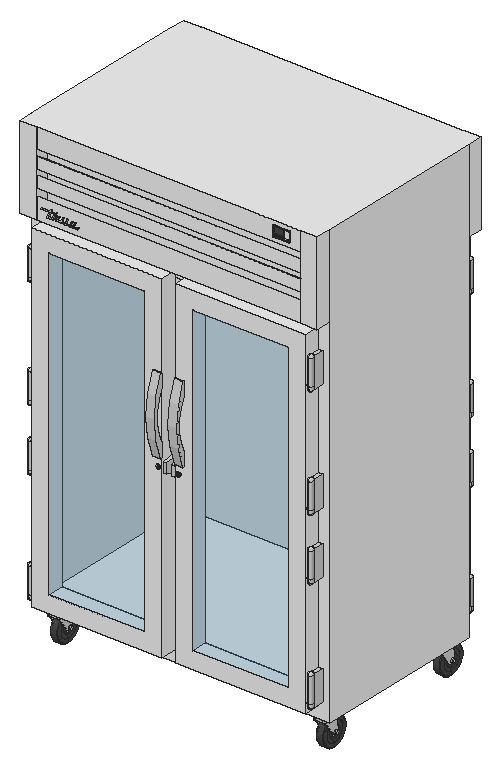
Revit family
Parameters
  Weight in Pounds = 0
  Watts = 3000 W
  Volts = 208 V
  URL Cutsheet = "www.truemfg.com"
  URL = "www.truemfg.com"
  Type Mark [instance] = ""
  Type Comments = ""
  Status [instance] = ""
  Specification by User [instance] = ""
  Specification by Manufacturer = ""
  Show Seismic Flanged [instance] = no
  Show Logo [instance] = yes
  Show Legs [instance] = no
  Show Clearance [instance] = yes
  Serial Number = ""
  Seismic Rating = ""
  Seismic Plate [instance] = and(Show Seismic Flanged, not(Show Casters))  # no
  SMACNA No = ""
  Revision Code [instance] = ""
  Phase = 1
  Omniclass Number and Title = ""
  Number of Poles [instance] = 1
  NAFEM Spec ID Number = ""
  Model = "STG2HPT-2G-2S"
  Min Ckt Ampacity = 0 A
  Max Overcurrent Protection = 0 A
  Masterspec = ""
  Manufacturer = "TRUE FOOD SERVICE EQUIPMENT, INC."
  Length = 52 5/8"
  Legs [instance] = or(Show Legs, Show Seismic Flanged)  # no
  Item Number [instance] = ""
  Installed By [instance] = ""
  Identify Quantity as Lot [instance] = yes
  Height = 77 3/4"
  HP = ""
  Furnished By [instance] = ""
  Foodservice Equipment Identifier [instance] = yes
  FL Amps = Watts / Volts  # 14.4231 A
  Electrical Remarks [instance] = ""
  Electric Connection Type [instance] = ""
  Elec Conn RI Height [instance] = 0"
  Elec Conn Connection Height [instance] = 0"
  Description = "Pass-thru Glass Front/Solid Rear Swing Doors Heated Cabinet"
  Depth = 36 1/8"
  Cycle = 60 Hz
  Conn Plug = "6-15P"
  Conn Conduit = yes
  Show Casters [instance] = and(not(if(Show Legs, Show Legs, Show Legs)), not(if(Show Legs, Show Legs, Show Seismic Flanged)))  # yes
  CSI MasterFormat = ""
  CSI Master Format = ""
  Assembly Code = ""
  Apparent Power = if(Phase = 3, Volts * FL Amps * 1.73, Volts * FL Amps)  # 3000 VA
Reference planes (in)
  plane 1 "BACK": y = 0
  plane 2: z = 0
  plane 3 "LEFT": x = 0
  plane 4 "RIGHT": x = 52.625
  plane 5 "FRONT": y = -36.125
  plane 6 "TOP": z = 84.125
  plane 7: z = 6.125
  plane 8: x = 26.3125
  plane 9: x = 3
  plane 10: x = 49.9375
  plane 11: y = -36.0792
  plane 12: x = 26.3125
  plane 13: y = -0.0458
  plane 14: y = -18.0625
Forms (in)
  Extrusion 1, solid, material "QF_Finishes_Chrome - Satin"
    sketch origin (0.05, 0, 0) x (1, 0, 0) y (0, 1, 0)
      loop
        line (-0.05, -2.75) -> (-0.05, -33.375) -> (2.35625, -33.375) -> (2.35625, -2.75) -> (-0.05, -2.75)
    from 6.125 to 84.125
  Extrusion 2, solid, material "QF_Finishes_Chrome - Satin"
    sketch origin (50.15, 0, 0) x (1, 0, 0) y (0, 1, 0)
      loop
        line (0.225, -2.75) -> (0.225, -33.375) -> (2.475, -33.375) -> (2.475, -2.75) -> (0.225, -2.75)
    from 6.125 to 84.125
  Extrusion 3, solid, material "QF_Finishes_Chrome - Satin"
    sketch origin (0, 0, 0) x (0, 1, 0) y (0, 0, 1)
      loop
        line (-36.0792, 69.5) -> (-33.375, 69.5) -> (-33.375, 66.96875) -> (-2.75, 66.96875) -> (-2.75, 69.5) -> (-0.0458, 69.5) -> (-0.0458, 73.19226) -> (-2.25, 71.625) -> (-2.25, 72.90057) -> (-0.0458, 74.46784) -> (-0.0458, 76.56404) -> (-2.25, 74.99678) -> (-2.25, 75.95754) -> (-0.0458, 77.5248) -> (-0.0458, 79.65851) -> (-2.25, 78.09125) -> (-2.25, 79.21352) -> (-0.0458, 80.78078) -> (-0.0458, 84.125) -> (-36.0792, 84.125) -> (-36.0792, 80.78078) -> (-33.875, 79.21352) -> (-33.875, 78.09125) -> (-36.0792, 79.65851) -> (-36.0792, 77.5248) -> (-33.875, 75.95754) -> (-33.875, 74.99678) -> (-36.0792, 76.56404) -> (-36.0792, 74.46784) -> (-33.875, 72.90057) -> (-33.875, 71.625) -> (-36.0792, 73.19226) -> (-36.0792, 69.5)
      loop
        line (-33.375, 6.125) -> (-2.75, 6.125) -> (-2.75, 9.03125) -> (-33.375, 9.03125) -> (-33.375, 6.125)
    from 2.25 to 50.375
  Extrusion 4, solid, material "QF_Finishes_Chrome - Satin"
    sketch origin (0, 0, 0) x (1, 0, 0) y (0, 1, 0)
      loop
        line (52.54687, -33.375) -> (49.66032, -33.375) -> (49.66032, -36.125) -> (52.54687, -36.125) -> (52.54687, -33.375)
      loop
        line (52.54687, -2.75) -> (52.54687, 0) -> (49.66032, 0) -> (49.66032, -2.75) -> (52.54687, -2.75)
    from 69.5 to 84.125
  Extrusion 5, solid, material "QF_Finishes_Chrome - Satin"
    sketch origin (-50.125, 0, 0.25) x (1, 0, 0) y (0, 1, 0)
      loop
        line (53.20984, -33.375) -> (50.20312, -33.375) -> (50.20312, -36.125) -> (53.20984, -36.125) -> (53.20984, -33.375)
      loop
        line (53.20984, -2.75) -> (53.20984, 0) -> (50.20312, 0) -> (50.20312, -2.75) -> (53.20984, -2.75)
    from 69.25 to 83.875
  Extrusion 6, solid, material "QF_Finishes_Chrome - Satin"
    sketch origin (0, -2.375, -0.71875) x (1, 0, 0) y (0, 0, 1)
      loop
        line (2.25, 68.6875) -> (2.25, 8.75) -> (25.1875, 8.75) -> (25.1875, 68.6875) -> (2.25, 68.6875)
      loop
        line (50.53125, 68.6875) -> (27.59375, 68.6875) -> (27.59375, 8.75) -> (50.53125, 8.75) -> (50.53125, 68.6875)
      loop
        line (30.59375, 65.6875) -> (30.59375, 11.75) -> (47.53125, 11.75) -> (47.53125, 65.6875) -> (30.59375, 65.6875)
      loop
        line (5.25, 65.6875) -> (5.25, 11.75) -> (22.1875, 11.75) -> (22.1875, 65.6875) -> (5.25, 65.6875)
    from 31 to 33.75
  Extrusion 7, solid, material "QF_Finishes_Handrails and Railings"
    sketch origin (1.8125, -2.375, -2) x (1, 0, 0) y (0, 0, 1)
      loop
        circle (22.76563, 40.0625) r 0.35
      loop
        line (22.73047, 40.33635) -> (22.73047, 39.76895) -> (22.78597, 39.76895) -> (22.78597, 40.33635) -> (22.73047, 40.33635)
      loop
        circle (26.3125, 40.0625) r 0.35
      loop
        line (26.34765, 40.33635) -> (26.29215, 40.33635) -> (26.29215, 39.76895) -> (26.34765, 39.76895) -> (26.34765, 40.33635)
    from 33.5 to 33.83066
  Extrusion 8, solid, material "QF_Finishes_Handrails and Railings", visible <- "Show Logo"
    sketch origin (0.33478, -1.29327, -6.73143) x (1, 0, 0) y (0, 0, 1)
      loop
        line (3.61669, 78.46231) -> (3.51103, 78.23573) -> (4.91652, 78.23573)
        arc (4.91652, 78.23573) -> (4.94504, 78.18528) -> (4.91652, 78.13484) r 0.05887
        line (4.91652, 78.13484) -> (4.54994, 77.34872)
        arc (4.54994, 77.34872) -> (4.54676, 77.27591) -> (4.596, 77.22217) r 0.09523
        line (4.596, 77.22217) -> (5.49469, 77.22217)
        arc (5.49469, 77.22217) -> (5.60817, 77.25795) -> (5.68061, 77.35235) r 0.19785
        line (5.68061, 77.35235) -> (5.9691, 77.97101) -> (6.23415, 77.97101)
        arc (6.23415, 77.97101) -> (6.30369, 77.94543) -> (6.29362, 77.87203) r 0.05911
        line (6.29362, 77.87203) -> (6.05223, 77.35437)
        arc (6.05223, 77.35437) -> (6.05599, 77.2684) -> (6.12856, 77.22217) r 0.09318
        line (6.12856, 77.22217) -> (6.91823, 77.22217)
        arc (6.91823, 77.22217) -> (6.97874, 77.24419) -> (7.01093, 77.29995) r 0.09412
        arc (7.01093, 77.29995) -> (7.03371, 77.24495) -> (7.08871, 77.22217) r 0.07778
        line (7.08871, 77.22217) -> (7.58871, 77.22217)
        arc (7.58871, 77.22217) -> (7.64647, 77.23765) -> (7.68876, 77.27993) r 0.11552
        arc (7.68876, 77.27993) -> (7.709, 77.23106) -> (7.75787, 77.21081) r 0.06912
        line (7.75787, 77.21081) -> (8.4685, 77.21081)
        arc (8.4685, 77.21081) -> (8.52659, 77.23488) -> (8.55066, 77.29297) r 0.08216
        arc (8.55066, 77.29297) -> (8.60392, 77.23972) -> (8.67667, 77.22022) r 0.14551
        line (8.67667, 77.22022) -> (10.00783, 77.22022) -> (10.15571, 77.47634) -> (8.81303, 77.47634)
        arc (8.81303, 77.47634) -> (8.77597, 77.50204) -> (8.77459, 77.54711) r 0.05009
        line (8.77459, 77.54711) -> (8.79782, 77.59692)
        arc (8.79782, 77.59692) -> (8.83348, 77.64364) -> (8.88952, 77.66135) r 0.09747
        line (8.88952, 77.66135) -> (9.3211, 77.66135)
        arc (9.3211, 77.66135) -> (9.41425, 77.68631) -> (9.48244, 77.7545) r 0.1863
        line (9.48244, 77.7545) -> (9.60744, 77.97101)
        arc (9.60744, 77.97101) -> (9.60744, 78.08657) -> (9.50736, 78.14434) r 0.11556
        line (9.50736, 78.14434) -> (9.05187, 78.14434)
        arc (9.05187, 78.14434) -> (8.93575, 78.12462) -> (8.85474, 78.03912) r 0.18605
        line (8.85474, 78.03912) -> (8.63829, 77.57493)
        arc (8.63829, 77.57493) -> (8.5744, 77.49167) -> (8.47431, 77.46011) r 0.1745
        line (8.47431, 77.46011) -> (8.00184, 77.46011)
        arc (8.00184, 77.46011) -> (7.94528, 77.52184) -> (7.94893, 77.60548) r 0.10939
        line (7.94893, 77.60548) -> (8.2002, 78.14434) -> (8.04028, 78.14434) -> (7.77406, 77.57344)
        arc (7.77406, 77.57344) -> (7.72234, 77.50603) -> (7.6413, 77.48048) r 0.14128
        line (7.6413, 77.48048) -> (7.3155, 77.48048)
        arc (7.3155, 77.48048) -> (7.26044, 77.55223) -> (7.27225, 77.64189) r 0.11816
        line (7.27225, 77.64189) -> (7.50655, 78.14434) -> (7.34139, 78.14434) -> (7.07171, 77.566)
        arc (7.07171, 77.566) -> (7.0091, 77.50339) -> (6.92358, 77.48048) r 0.17104
        line (6.92358, 77.48048) -> (6.4518, 77.48048)
        arc (6.4518, 77.48048) -> (6.36707, 77.51999) -> (6.35892, 77.61313) r 0.0935
        line (6.35892, 77.61313) -> (6.51399, 77.94569) -> (6.7332, 77.94569)
        arc (6.7332, 77.94569) -> (6.7702, 78.05717) -> (6.84892, 78.14434) r 0.2857
        line (6.84892, 78.14434) -> (5.9923, 78.14434)
        arc (5.9923, 78.14434) -> (5.89711, 78.12324) -> (5.83123, 78.05135) r 0.16212
        line (5.83123, 78.05135) -> (5.59904, 77.55341)
        arc (5.59904, 77.55341) -> (5.54565, 77.50002) -> (5.47272, 77.48048) r 0.14586
        line (5.47272, 77.48048) -> (4.96131, 77.48048)
        arc (4.96131, 77.48048) -> (4.92139, 77.53442) -> (4.92899, 77.60109) r 0.09155
        line (4.92899, 77.60109) -> (5.26643, 78.23573) -> (6.1178, 78.23573) -> (6.22346, 78.46231) -> (5.37209, 78.46231) -> (5.47774, 78.68888) -> (5.17487, 78.68888) -> (5.06922, 78.46231) -> (3.61669, 78.46231)
      loop
        arc (8.9943, 77.93863) -> (8.95744, 77.92875) -> (8.93045, 77.90176) r 0.07373
        line (8.93045, 77.90176) -> (8.90854, 77.83436)
        arc (8.90854, 77.83436) -> (8.9187, 77.80983) -> (8.94324, 77.79966) r 0.0347
        line (8.94324, 77.79966) -> (9.31573, 77.79966)
        arc (9.31573, 77.79966) -> (9.34257, 77.80561) -> (9.36437, 77.82234) r 0.0635
        line (9.36437, 77.82234) -> (9.38249, 77.90622)
        arc (9.38249, 77.90622) -> (9.37716, 77.92868) -> (9.35634, 77.93863) r 0.02676
        line (9.35634, 77.93863) -> (8.9943, 77.93863)
    from 34.76797 to 34.83173
  Extrusion 9, solid
    sketch origin (0, 0, 0) x (1, 0, 0) y (0, 0, 1)
      loop
        circle (49.53125, 82) r 0.25
    from 0 to 0.0625
  Extrusion 10, solid, material "QF_Finishes_Handrails and Railings"
    sketch origin (36.06481, -0.25, 93.43167) x (0, 1, 0) y (0, 0, -1)
      loop
        line (-35.875, 53.875) -> (-36.075, 53.875)
        arc (-36.075, 53.875) -> (-37.51905, 47.075) -> (-36.075, 40.275) r 16.7325
        line (-36.075, 40.275) -> (-35.875, 40.275) -> (-35.875, 42.675)
        arc (-35.875, 42.675) -> (-37.03316, 47.075) -> (-35.875, 51.475) r 8.93715
        line (-35.875, 51.475) -> (-35.875, 53.875)
    from 10.87731 to 12.37731
  Blend 11, solid, material "QF_Finishes_Handrails and Railings"
    base sketch origin (-0.14063, -2.375, 0) x (1, 0, 0) y (0, 0, 1)
      loop
        line (25.32813, 38.99169) -> (25.32813, 37.24169) -> (26.07813, 37.24169) -> (26.07813, 38.99169) -> (25.32813, 38.99169)
    top sketch origin (-0.14063, 0, 0) x (1, 0, 0) y (0, 0, 1)
      loop
        line (26.26036, 36.6441) -> (26.26036, 39.42643) -> (25.32813, 39.42643) -> (25.32813, 36.6441) -> (26.26036, 36.6441)
    from 33.57883 to 33.375
  Blend 12, solid, material "QF_Finishes_Handrails and Railings"
    base sketch origin (52.84375, -2.375, 0) x (-1, 0, 0) y (0, 0, -1)
      loop
        line (25.25, -38.99169) -> (26, -38.99169) -> (26, -37.24169) -> (25.25, -37.24169) -> (25.25, -38.99169)
    top sketch origin (52.84375, 0, 0) x (-1, 0, 0) y (0, 0, -1)
      loop
        line (26.18223, -36.6441) -> (25.25, -36.6441) -> (25.25, -39.42643) -> (26.18223, -39.42643) -> (26.18223, -36.6441)
    from 33.57883 to 33.375
  Extrusion 13, solid, material "QF_Finishes_Handrails and Railings"
    sketch origin (1.09375, 0, 0) x (0, 1, 0) y (0, 0, 1)
      loop
        line (-33.375, 64.55229) -> (-34.98544, 64.55229)
        arc (-34.98544, 64.55229) -> (-35.13006, 64.49238) -> (-35.18997, 64.34776) r 0.20453
        line (-35.18997, 64.34776) -> (-35.18997, 59.94848) -> (-35.625, 59.94848) -> (-35.625, 59.23627) -> (-33.375, 59.23627) -> (-33.375, 64.55229)
    from 0.17506 to 1
  Revolve 14, solid, material "QF_Finishes_Handrails and Railings"
    sketch origin (1.59375, 0, 0) x (0, 1, 0) y (0, 0, 1)
      loop
        line (-35.64063, 60.00189) -> (-35.64063, 64.81483)
        arc (-35.64063, 64.81483) -> (-35.91222, 64.72557) -> (-36.04729, 64.4736) r 0.3848
        line (-36.04729, 64.4736) -> (-36.04729, 60.00189) -> (-35.64063, 60.00189)
      loop
        line (-35.64063, 59.94848) -> (-36.04729, 59.94848) -> (-36.04729, 59.37712)
        arc (-36.04729, 59.37712) -> (-35.90764, 59.13383) -> (-35.64063, 59.04781) r 0.38884
        line (-35.64063, 59.04781) -> (-35.64063, 59.94848)
      axis (-35.64063, 59.04781) -> (-35.64063, 64.81483)
    angle from 0 to 360
  Extrusion 15, solid, material "QF_Finishes_Handrails and Railings"
    sketch origin (-0.21875, -2.375, 0) x (1, 0, 0) y (0, 0, 1)
      loop
        line (2.07116, 64.4736) -> (2.07116, 60.00079) -> (2.46875, 60.00079) -> (2.46875, 64.4736) -> (2.07116, 64.4736)
    from 32.81497 to 33.59495
  Extrusion 16, solid, material "QF_Finishes_Handrails and Railings"
    sketch origin (1.09375, 0, -19.5) x (0, 1, 0) y (0, 0, 1)
      loop
        line (-33.375, 64.55229) -> (-34.98544, 64.55229)
        arc (-34.98544, 64.55229) -> (-35.13006, 64.49238) -> (-35.18997, 64.34776) r 0.20453
        line (-35.18997, 64.34776) -> (-35.18997, 59.94848) -> (-35.625, 59.94848) -> (-35.625, 59.23627) -> (-33.375, 59.23627) -> (-33.375, 64.55229)
    from 0.17506 to 1
  Revolve 17, solid, material "QF_Finishes_Handrails and Railings"
    sketch origin (1.59375, 0, -19.5) x (0, 1, 0) y (0, 0, 1)
      loop
        line (-35.64063, 60.00189) -> (-35.64063, 64.81483)
        arc (-35.64063, 64.81483) -> (-35.91222, 64.72557) -> (-36.04729, 64.4736) r 0.3848
        line (-36.04729, 64.4736) -> (-36.04729, 60.00189) -> (-35.64063, 60.00189)
      loop
        line (-35.64063, 59.94848) -> (-36.04729, 59.94848) -> (-36.04729, 59.37712)
        arc (-36.04729, 59.37712) -> (-35.90764, 59.13383) -> (-35.64063, 59.04781) r 0.38884
        line (-35.64063, 59.04781) -> (-35.64063, 59.94848)
      axis (-35.64063, 59.04781) -> (-35.64063, 64.81483)
    angle from 0 to 360
  Extrusion 18, solid, material "QF_Finishes_Handrails and Railings"
    sketch origin (-0.21875, -2.375, -19.5) x (1, 0, 0) y (0, 0, 1)
      loop
        line (2.07116, 64.4736) -> (2.07116, 60.00079) -> (2.46875, 60.00079) -> (2.46875, 64.4736) -> (2.07116, 64.4736)
    from 32.81497 to 33.59495
  Extrusion 19, solid, material "QF_Finishes_Handrails and Railings"
    sketch origin (1.09375, 0, -30.5) x (0, 1, 0) y (0, 0, 1)
      loop
        line (-33.375, 64.55229) -> (-34.98544, 64.55229)
        arc (-34.98544, 64.55229) -> (-35.13006, 64.49238) -> (-35.18997, 64.34776) r 0.20453
        line (-35.18997, 64.34776) -> (-35.18997, 59.94848) -> (-35.625, 59.94848) -> (-35.625, 59.23627) -> (-33.375, 59.23627) -> (-33.375, 64.55229)
    from 0.17506 to 1
  Revolve 20, solid, material "QF_Finishes_Handrails and Railings"
    sketch origin (1.59375, 0, -30.5) x (0, 1, 0) y (0, 0, 1)
      loop
        line (-35.64063, 60.00189) -> (-35.64063, 64.81483)
        arc (-35.64063, 64.81483) -> (-35.91222, 64.72557) -> (-36.04729, 64.4736) r 0.3848
        line (-36.04729, 64.4736) -> (-36.04729, 60.00189) -> (-35.64063, 60.00189)
      loop
        line (-35.64063, 59.94848) -> (-36.04729, 59.94848) -> (-36.04729, 59.37712)
        arc (-36.04729, 59.37712) -> (-35.90764, 59.13383) -> (-35.64063, 59.04781) r 0.38884
        line (-35.64063, 59.04781) -> (-35.64063, 59.94848)
      axis (-35.64063, 59.04781) -> (-35.64063, 64.81483)
    angle from 0 to 360
  Extrusion 21, solid, material "QF_Finishes_Handrails and Railings"
    sketch origin (-0.21875, -2.375, -30.5) x (1, 0, 0) y (0, 0, 1)
      loop
        line (2.07116, 64.4736) -> (2.07116, 60.00079) -> (2.46875, 60.00079) -> (2.46875, 64.4736) -> (2.07116, 64.4736)
    from 32.81497 to 33.59495
  Extrusion 22, solid, material "QF_Finishes_Handrails and Railings"
    sketch origin (1.09375, 0, -50.25) x (0, 1, 0) y (0, 0, 1)
      loop
        line (-33.375, 64.55229) -> (-34.98544, 64.55229)
        arc (-34.98544, 64.55229) -> (-35.13006, 64.49238) -> (-35.18997, 64.34776) r 0.20453
        line (-35.18997, 64.34776) -> (-35.18997, 59.94848) -> (-35.625, 59.94848) -> (-35.625, 59.23627) -> (-33.375, 59.23627) -> (-33.375, 64.55229)
    from 0.17506 to 1
  Revolve 23, solid, material "QF_Finishes_Handrails and Railings"
    sketch origin (1.59375, 0, -50.25) x (0, 1, 0) y (0, 0, 1)
      loop
        line (-35.64063, 60.00189) -> (-35.64063, 64.81483)
        arc (-35.64063, 64.81483) -> (-35.91222, 64.72557) -> (-36.04729, 64.4736) r 0.3848
        line (-36.04729, 64.4736) -> (-36.04729, 60.00189) -> (-35.64063, 60.00189)
      loop
        line (-35.64063, 59.94848) -> (-36.04729, 59.94848) -> (-36.04729, 59.37712)
        arc (-36.04729, 59.37712) -> (-35.90764, 59.13383) -> (-35.64063, 59.04781) r 0.38884
        line (-35.64063, 59.04781) -> (-35.64063, 59.94848)
      axis (-35.64063, 59.04781) -> (-35.64063, 64.81483)
    angle from 0 to 360
  Extrusion 24, solid, material "QF_Finishes_Handrails and Railings"
    sketch origin (-0.21875, -2.375, -50.25) x (1, 0, 0) y (0, 0, 1)
      loop
        line (2.07116, 64.4736) -> (2.07116, 60.00079) -> (2.46875, 60.00079) -> (2.46875, 64.4736) -> (2.07116, 64.4736)
    from 32.81497 to 33.59495
  Extrusion 25, solid, material "QF_Finishes_Handrails and Railings"
    sketch origin (51.53125, 0, 0) x (0, 1, 0) y (0, 0, -1)
      loop
        line (-33.375, -64.55229) -> (-33.375, -59.23627) -> (-35.625, -59.23627) -> (-35.625, -59.94848) -> (-35.18997, -59.94848) -> (-35.18997, -64.34776)
        arc (-35.18997, -64.34776) -> (-35.13006, -64.49238) -> (-34.98544, -64.55229) r 0.20453
        line (-34.98544, -64.55229) -> (-33.375, -64.55229)
    from 0.17506 to 1
  Revolve 26, solid, material "QF_Finishes_Handrails and Railings"
    sketch origin (51.03125, 0, 0) x (0, 1, 0) y (0, 0, -1)
      loop
        line (-35.64063, -60.00189) -> (-36.04729, -60.00189) -> (-36.04729, -64.4736)
        arc (-36.04729, -64.4736) -> (-35.91222, -64.72557) -> (-35.64063, -64.81483) r 0.3848
        line (-35.64063, -64.81483) -> (-35.64063, -60.00189)
      loop
        line (-35.64063, -59.94848) -> (-35.64063, -59.04781)
        arc (-35.64063, -59.04781) -> (-35.90764, -59.13383) -> (-36.04729, -59.37712) r 0.38884
        line (-36.04729, -59.37712) -> (-36.04729, -59.94848) -> (-35.64063, -59.94848)
      axis (-35.64063, -59.04781) -> (-35.64063, -64.81483)
    angle from 0 to 360
  Extrusion 27, solid, material "QF_Finishes_Handrails and Railings"
    sketch origin (52.84375, -2.375, 0) x (-1, 0, 0) y (0, 0, -1)
      loop
        line (1.75866, -64.4736) -> (2.15625, -64.4736) -> (2.15625, -60.00079) -> (1.75866, -60.00079) -> (1.75866, -64.4736)
    from 32.81497 to 33.59495
  Extrusion 28, solid, material "QF_Finishes_Handrails and Railings"
    sketch origin (51.53125, 0, -19.5) x (0, 1, 0) y (0, 0, -1)
      loop
        line (-33.375, -64.55229) -> (-33.375, -59.23627) -> (-35.625, -59.23627) -> (-35.625, -59.94848) -> (-35.18997, -59.94848) -> (-35.18997, -64.34776)
        arc (-35.18997, -64.34776) -> (-35.13006, -64.49238) -> (-34.98544, -64.55229) r 0.20453
        line (-34.98544, -64.55229) -> (-33.375, -64.55229)
    from 0.17506 to 1
  Revolve 29, solid, material "QF_Finishes_Handrails and Railings"
    sketch origin (51.03125, 0, -19.5) x (0, 1, 0) y (0, 0, -1)
      loop
        line (-35.64063, -60.00189) -> (-36.04729, -60.00189) -> (-36.04729, -64.4736)
        arc (-36.04729, -64.4736) -> (-35.91222, -64.72557) -> (-35.64063, -64.81483) r 0.3848
        line (-35.64063, -64.81483) -> (-35.64063, -60.00189)
      loop
        line (-35.64063, -59.94848) -> (-35.64063, -59.04781)
        arc (-35.64063, -59.04781) -> (-35.90764, -59.13383) -> (-36.04729, -59.37712) r 0.38884
        line (-36.04729, -59.37712) -> (-36.04729, -59.94848) -> (-35.64063, -59.94848)
      axis (-35.64063, -59.04781) -> (-35.64063, -64.81483)
    angle from 0 to 360
  Extrusion 30, solid, material "QF_Finishes_Handrails and Railings"
    sketch origin (52.84375, -2.375, -19.5) x (-1, 0, 0) y (0, 0, -1)
      loop
        line (1.75866, -64.4736) -> (2.15625, -64.4736) -> (2.15625, -60.00079) -> (1.75866, -60.00079) -> (1.75866, -64.4736)
    from 32.81497 to 33.59495
  Extrusion 31, solid, material "QF_Finishes_Handrails and Railings"
    sketch origin (51.53125, 0, -30.5) x (0, 1, 0) y (0, 0, -1)
      loop
        line (-33.375, -64.55229) -> (-33.375, -59.23627) -> (-35.625, -59.23627) -> (-35.625, -59.94848) -> (-35.18997, -59.94848) -> (-35.18997, -64.34776)
        arc (-35.18997, -64.34776) -> (-35.13006, -64.49238) -> (-34.98544, -64.55229) r 0.20453
        line (-34.98544, -64.55229) -> (-33.375, -64.55229)
    from 0.17506 to 1
  Revolve 32, solid, material "QF_Finishes_Handrails and Railings"
    sketch origin (51.03125, 0, -30.5) x (0, 1, 0) y (0, 0, -1)
      loop
        line (-35.64063, -60.00189) -> (-36.04729, -60.00189) -> (-36.04729, -64.4736)
        arc (-36.04729, -64.4736) -> (-35.91222, -64.72557) -> (-35.64063, -64.81483) r 0.3848
        line (-35.64063, -64.81483) -> (-35.64063, -60.00189)
      loop
        line (-35.64063, -59.94848) -> (-35.64063, -59.04781)
        arc (-35.64063, -59.04781) -> (-35.90764, -59.13383) -> (-36.04729, -59.37712) r 0.38884
        line (-36.04729, -59.37712) -> (-36.04729, -59.94848) -> (-35.64063, -59.94848)
      axis (-35.64063, -59.04781) -> (-35.64063, -64.81483)
    angle from 0 to 360
  Extrusion 33, solid, material "QF_Finishes_Handrails and Railings"
    sketch origin (52.84375, -2.375, -30.5) x (-1, 0, 0) y (0, 0, -1)
      loop
        line (1.75866, -64.4736) -> (2.15625, -64.4736) -> (2.15625, -60.00079) -> (1.75866, -60.00079) -> (1.75866, -64.4736)
    from 32.81497 to 33.59495
  Extrusion 34, solid, material "QF_Finishes_Handrails and Railings"
    sketch origin (51.53125, 0, -50.25) x (0, 1, 0) y (0, 0, -1)
      loop
        line (-33.375, -64.55229) -> (-33.375, -59.23627) -> (-35.625, -59.23627) -> (-35.625, -59.94848) -> (-35.18997, -59.94848) -> (-35.18997, -64.34776)
        arc (-35.18997, -64.34776) -> (-35.13006, -64.49238) -> (-34.98544, -64.55229) r 0.20453
        line (-34.98544, -64.55229) -> (-33.375, -64.55229)
    from 0.17506 to 1
  Revolve 35, solid, material "QF_Finishes_Handrails and Railings"
    sketch origin (51.03125, 0, -50.25) x (0, 1, 0) y (0, 0, -1)
      loop
        line (-35.64063, -60.00189) -> (-36.04729, -60.00189) -> (-36.04729, -64.4736)
        arc (-36.04729, -64.4736) -> (-35.91222, -64.72557) -> (-35.64063, -64.81483) r 0.3848
        line (-35.64063, -64.81483) -> (-35.64063, -60.00189)
      loop
        line (-35.64063, -59.94848) -> (-35.64063, -59.04781)
        arc (-35.64063, -59.04781) -> (-35.90764, -59.13383) -> (-36.04729, -59.37712) r 0.38884
        line (-36.04729, -59.37712) -> (-36.04729, -59.94848) -> (-35.64063, -59.94848)
      axis (-35.64063, -59.04781) -> (-35.64063, -64.81483)
    angle from 0 to 360
  Extrusion 36, solid, material "QF_Finishes_Handrails and Railings"
    sketch origin (52.84375, -2.375, -50.25) x (-1, 0, 0) y (0, 0, -1)
      loop
        line (1.75866, -64.4736) -> (2.15625, -64.4736) -> (2.15625, -60.00079) -> (1.75866, -60.00079) -> (1.75866, -64.4736)
    from 32.81497 to 33.59495
  Revolve 37, solid, material "QF_Finishes_Black", visible <- "Show Casters"
    sketch origin (47.78125, -29.75, 0) x (1, 0, 0) y (0, 0, 1)
      loop
        line (1.63125, 5) -> (1.53125, 4.9) -> (1.53125, 4.29941) -> (1.69226, 4.29941) -> (1.69226, 3.54941) -> (1.53125, 3.54941) -> (1.53125, 2.79941) -> (1.13125, 2.79941) -> (1.13125, 2.5) -> (3.18125, 2.5) -> (3.18125, 2.79941) -> (2.78533, 2.79941) -> (2.78533, 3.54941) -> (2.62024, 3.54941) -> (2.62024, 4.29941) -> (2.78533, 4.29941) -> (2.78533, 4.89592) -> (2.68125, 5) -> (1.63125, 5)
      axis (3.18125, 2.5) -> (1.13125, 2.5)
    angle from 0 to 360
  Extrusion 38, solid, material "QF_Finishes_Handrails and Railings", visible <- "Show Casters"
    sketch origin (47.78125, 0, 0) x (0, 1, 0) y (0, 0, 1)
      loop
        line (-32.32636, 5.48574) -> (-32.32636, 4.88089) -> (-32.07636, 4.88089) -> (-30.32716, 2.18736)
        arc (-30.32716, 2.18736) -> (-29.61383, 1.94868) -> (-29.22081, 2.59003) r 0.60416
        line (-29.22081, 2.59003) -> (-29.57636, 5.48574) -> (-32.32636, 5.48574)
      loop
        line (-6.6077, 5.48574) -> (-6.6077, 4.88089) -> (-6.3577, 4.88089) -> (-4.6085, 2.18736)
        arc (-4.6085, 2.18736) -> (-3.89517, 1.94868) -> (-3.50215, 2.59003) r 0.60416
        line (-3.50215, 2.59003) -> (-3.8577, 5.48574) -> (-6.6077, 5.48574)
    from 1.175 to 1.325
  Extrusion 39, solid, material "QF_Finishes_Handrails and Railings", visible <- "Show Casters"
    sketch origin (49.28125, 0, 0) x (0, 1, 0) y (0, 0, 1)
      loop
        line (-32.32636, 5.48574) -> (-32.32636, 4.88089) -> (-32.07636, 4.88089) -> (-30.32716, 2.18736)
        arc (-30.32716, 2.18736) -> (-29.61383, 1.94868) -> (-29.22081, 2.59003) r 0.60416
        line (-29.22081, 2.59003) -> (-29.57636, 5.48574) -> (-32.32636, 5.48574)
      loop
        line (-6.6077, 5.48574) -> (-6.6077, 4.88089) -> (-6.3577, 4.88089) -> (-4.6085, 2.18736)
        arc (-4.6085, 2.18736) -> (-3.89517, 1.94868) -> (-3.50215, 2.59003) r 0.60416
        line (-3.50215, 2.59003) -> (-3.8577, 5.48574) -> (-6.6077, 5.48574)
    from 1.175 to 1.325
  Revolve 40, solid, material "QF_Finishes_Chrome - Satin", visible <- "Show Casters"
    sketch origin (47.78125, -30.9375, -0.5) x (1, 0, 0) y (0, 0, 1)
      loop
        line (2.15625, 5.99546) -> (2.15625, 6.62359) -> (0.85918, 6.62359) -> (0.85918, 5.99546) -> (2.15625, 5.99546)
      axis (2.15625, 5.99546) -> (2.15625, 6.62359)
    angle from 0 to 360
  Revolve 41, solid, material "QF_Finishes_Chrome - Satin", visible <- "Legs"
    sketch origin (47.78125, -5.44102, 0) x (1, 0, 0) y (0, 0, 1)
      loop
        line (2.15625, 6.125) -> (0.82287, 6.125) -> (1.40625, 1) -> (1.65625, 1) -> (1.65625, 0) -> (2.15625, 0) -> (2.15625, 6.125)
      axis (2.15625, 0) -> (2.15625, 6.125)
    angle from 0 to 360
  Revolve 42, solid, material "QF_Finishes_Chrome - Satin", visible <- "Legs"
    sketch origin (47.78125, -31.03477, 0) x (1, 0, 0) y (0, 0, 1)
      loop
        line (2.15625, 6.125) -> (0.82287, 6.125) -> (1.40625, 1) -> (1.65625, 1) -> (1.65625, 0) -> (2.15625, 0) -> (2.15625, 6.125)
      axis (2.15625, 0) -> (2.15625, 6.125)
    angle from 0 to 360
  Revolve 43, solid, material "QF_Finishes_Chrome - Satin", visible <- "Show Casters"
    sketch origin (47.78125, -5.45321, -0.5) x (1, 0, 0) y (0, 0, 1)
      loop
        line (2.15625, 5.99546) -> (2.15625, 6.62359) -> (0.85918, 6.62359) -> (0.85918, 5.99546) -> (2.15625, 5.99546)
      axis (2.15625, 5.99546) -> (2.15625, 6.62359)
    angle from 0 to 360
  Extrusion 44, solid, material "QF_Finishes_Handrails and Railings", visible <- "Show Casters"
    sketch origin (0, 0, 0) x (0, 1, 0) y (0, 0, 1)
      loop
        line (-32.32636, 5.48574) -> (-32.32636, 4.88089) -> (-32.07636, 4.88089) -> (-29.54033, 5.19227) -> (-29.57636, 5.48574) -> (-32.32636, 5.48574)
      loop
        line (-6.6077, 5.48574) -> (-6.6077, 4.88089) -> (-6.3577, 4.88089) -> (-3.82167, 5.19227) -> (-3.8577, 5.48574) -> (-6.6077, 5.48574)
    from 49.10625 to 50.45625
  Revolve 45, solid, material "QF_Finishes_Black", visible <- "Show Casters"
    sketch origin (47.78125, -3.96875, 0) x (1, 0, 0) y (0, 0, 1)
      loop
        line (1.63125, 5) -> (1.53125, 4.9) -> (1.53125, 4.29941) -> (1.69226, 4.29941) -> (1.69226, 3.54941) -> (1.53125, 3.54941) -> (1.53125, 2.79941) -> (1.13125, 2.79941) -> (1.13125, 2.5) -> (3.18125, 2.5) -> (3.18125, 2.79941) -> (2.78533, 2.79941) -> (2.78533, 3.54941) -> (2.62024, 3.54941) -> (2.62024, 4.29941) -> (2.78533, 4.29941) -> (2.78533, 4.89592) -> (2.68125, 5) -> (1.63125, 5)
      axis (3.18125, 2.5) -> (1.13125, 2.5)
    angle from 0 to 360
  Revolve 46, solid, material "QF_Finishes_Black", visible <- "Show Casters"
    sketch origin (0.84375, -29.75, 0) x (1, 0, 0) y (0, 0, 1)
      loop
        line (1.63125, 5) -> (1.53125, 4.9) -> (1.53125, 4.29941) -> (1.69226, 4.29941) -> (1.69226, 3.54941) -> (1.53125, 3.54941) -> (1.53125, 2.79941) -> (0.975, 2.79941) -> (0.975, 2.5) -> (3.18125, 2.5) -> (3.18125, 2.79941) -> (2.78533, 2.79941) -> (2.78533, 3.54941) -> (2.62024, 3.54941) -> (2.62024, 4.29941) -> (2.78533, 4.29941) -> (2.78533, 4.89592) -> (2.68125, 5) -> (1.63125, 5)
      axis (3.18125, 2.5) -> (0.975, 2.5)
    angle from 0 to 360
  Extrusion 47, solid, material "QF_Finishes_Handrails and Railings", visible <- "Show Casters"
    sketch origin (0.84375, 0, 0) x (0, 1, 0) y (0, 0, 1)
      loop
        line (-32.32636, 5.48574) -> (-32.32636, 4.88089) -> (-32.07636, 4.88089) -> (-30.32716, 2.18736)
        arc (-30.32716, 2.18736) -> (-29.61383, 1.94868) -> (-29.22081, 2.59003) r 0.60416
        line (-29.22081, 2.59003) -> (-29.57636, 5.48574) -> (-32.32636, 5.48574)
      loop
        line (-6.6077, 5.48574) -> (-6.6077, 4.88089) -> (-6.3577, 4.88089) -> (-4.6085, 2.18736)
        arc (-4.6085, 2.18736) -> (-3.89517, 1.94868) -> (-3.50215, 2.59003) r 0.60416
        line (-3.50215, 2.59003) -> (-3.8577, 5.48574) -> (-6.6077, 5.48574)
    from 1.175 to 1.325
  Extrusion 48, solid, material "QF_Finishes_Handrails and Railings", visible <- "Show Casters"
    sketch origin (2.34375, 0, 0) x (0, 1, 0) y (0, 0, 1)
      loop
        line (-32.32636, 5.48574) -> (-32.32636, 4.88089) -> (-32.07636, 4.88089) -> (-30.32716, 2.18736)
        arc (-30.32716, 2.18736) -> (-29.61383, 1.94868) -> (-29.22081, 2.59003) r 0.60416
        line (-29.22081, 2.59003) -> (-29.57636, 5.48574) -> (-32.32636, 5.48574)
      loop
        line (-6.6077, 5.48574) -> (-6.6077, 4.88089) -> (-6.3577, 4.88089) -> (-4.6085, 2.18736)
        arc (-4.6085, 2.18736) -> (-3.89517, 1.94868) -> (-3.50215, 2.59003) r 0.60416
        line (-3.50215, 2.59003) -> (-3.8577, 5.48574) -> (-6.6077, 5.48574)
    from 1.175 to 1.325
  Revolve 49, solid, material "QF_Finishes_Chrome - Satin", visible <- "Show Casters"
    sketch origin (0.84375, -30.9375, -0.5) x (1, 0, 0) y (0, 0, 1)
      loop
        line (2.15625, 5.99546) -> (2.15625, 6.62359) -> (0.85918, 6.62359) -> (0.85918, 5.99546) -> (2.15625, 5.99546)
      axis (2.15625, 5.99546) -> (2.15625, 6.62359)
    angle from 0 to 360
  Revolve 50, solid, material "QF_Finishes_Chrome - Satin", visible <- "Legs"
    sketch origin (0.84375, -5.44102, 0) x (1, 0, 0) y (0, 0, 1)
      loop
        line (2.15625, 6.125) -> (0.82287, 6.125) -> (1.40625, 1) -> (1.65625, 1) -> (1.65625, 0) -> (2.15625, 0) -> (2.15625, 6.125)
      axis (2.15625, 0) -> (2.15625, 6.125)
    angle from 0 to 360
  Revolve 51, solid, material "QF_Finishes_Chrome - Satin", visible <- "Legs"
    sketch origin (0.84375, -31.03477, 0) x (1, 0, 0) y (0, 0, 1)
      loop
        line (2.15625, 6.125) -> (0.82287, 6.125) -> (1.40625, 1) -> (1.65625, 1) -> (1.65625, 0) -> (2.15625, 0) -> (2.15625, 6.125)
      axis (2.15625, 0) -> (2.15625, 6.125)
    angle from 0 to 360
  Revolve 52, solid, material "QF_Finishes_Chrome - Satin", visible <- "Show Casters"
    sketch origin (0.84375, -5.45321, -0.5) x (1, 0, 0) y (0, 0, 1)
      loop
        line (2.15625, 5.99546) -> (2.15625, 6.62359) -> (0.85918, 6.62359) -> (0.85918, 5.99546) -> (2.15625, 5.99546)
      axis (2.15625, 5.99546) -> (2.15625, 6.62359)
    angle from 0 to 360
  Extrusion 53, solid, material "QF_Finishes_Handrails and Railings", visible <- "Show Casters"
    sketch origin (-46.9375, 0, 0) x (0, 1, 0) y (0, 0, 1)
      loop
        line (-32.32636, 5.48574) -> (-32.32636, 4.88089) -> (-32.07636, 4.88089) -> (-29.54033, 5.19227) -> (-29.57636, 5.48574) -> (-32.32636, 5.48574)
      loop
        line (-6.6077, 5.48574) -> (-6.6077, 4.88089) -> (-6.3577, 4.88089) -> (-3.82167, 5.19227) -> (-3.8577, 5.48574) -> (-6.6077, 5.48574)
    from 49.10625 to 50.45625
  Revolve 54, solid, material "QF_Finishes_Black", visible <- "Show Casters"
    sketch origin (0.84375, -3.96875, 0) x (1, 0, 0) y (0, 0, 1)
      loop
        line (1.63125, 5) -> (1.53125, 4.9) -> (1.53125, 4.29941) -> (1.69226, 4.29941) -> (1.69226, 3.54941) -> (1.53125, 3.54941) -> (1.53125, 2.79941) -> (0.975, 2.79941) -> (0.975, 2.5) -> (3.18125, 2.5) -> (3.18125, 2.79941) -> (2.78533, 2.79941) -> (2.78533, 3.54941) -> (2.62024, 3.54941) -> (2.62024, 4.29941) -> (2.78533, 4.29941) -> (2.78533, 4.89592) -> (2.68125, 5) -> (1.63125, 5)
      axis (3.18125, 2.5) -> (0.975, 2.5)
    angle from 0 to 360
  Extrusion 55, solid, material "QF_Finishes_White"
    sketch origin (1.49925, -1.31123, 1.58022) x (1, 0, 0) y (0, 0, 1)
      loop
        line (43.31732, 81.73227) -> (43.31732, 79.98496) -> (46.22357, 79.98496) -> (46.22357, 81.73227) -> (43.31732, 81.73227)
    from 34.75 to 34.76797
  Extrusion 56, solid, material "QF_Finishes_Black"
    sketch origin (1.49925, -1.31123, 1.58022) x (1, 0, 0) y (0, 0, 1)
      loop
        line (46.28607, 81.79477) -> (43.25482, 81.79477) -> (43.25482, 79.92246) -> (46.28607, 79.92246) -> (46.28607, 81.79477)
      loop
        spline (43.45482, 80.25372) -> (43.46333, 80.23754) -> (43.48831, 80.22247) -> (43.52804, 80.20952) -> (43.57982, 80.19959) -> (43.64011, 80.19335) -> (43.70482, 80.19122) -> (43.76952, 80.19335) -> (43.82982, 80.19959) -> (43.88159, 80.20952) -> (43.92132, 80.22247) -> (43.9463, 80.23754) -> (43.95482, 80.25372)
        spline (43.95482, 80.25372) -> (43.9463, 80.26989) -> (43.92132, 80.28497) -> (43.88159, 80.29791) -> (43.82982, 80.30784) -> (43.76952, 80.31409) -> (43.70482, 80.31622) -> (43.64011, 80.31409) -> (43.57982, 80.30784) -> (43.52804, 80.29791) -> (43.48831, 80.28497) -> (43.46333, 80.26989) -> (43.45482, 80.25372)
      loop
        spline (44.15083, 80.25372) -> (44.15935, 80.23754) -> (44.18432, 80.22247) -> (44.22405, 80.20952) -> (44.27583, 80.19959) -> (44.33612, 80.19335) -> (44.40083, 80.19122) -> (44.46553, 80.19335) -> (44.52583, 80.19959) -> (44.57761, 80.20952) -> (44.61734, 80.22247) -> (44.64231, 80.23754) -> (44.65083, 80.25372)
        spline (44.65083, 80.25372) -> (44.64231, 80.26989) -> (44.61734, 80.28497) -> (44.57761, 80.29791) -> (44.52583, 80.30784) -> (44.46553, 80.31409) -> (44.40083, 80.31622) -> (44.33612, 80.31409) -> (44.27583, 80.30784) -> (44.22405, 80.29791) -> (44.18432, 80.28497) -> (44.15935, 80.26989) -> (44.15083, 80.25372)
      loop
        spline (44.90083, 80.25372) -> (44.90935, 80.23754) -> (44.93432, 80.22247) -> (44.97405, 80.20952) -> (45.02583, 80.19959) -> (45.08612, 80.19335) -> (45.15083, 80.19122) -> (45.21553, 80.19335) -> (45.27583, 80.19959) -> (45.32761, 80.20952) -> (45.36734, 80.22247) -> (45.39231, 80.23754) -> (45.40083, 80.25372)
        spline (45.40083, 80.25372) -> (45.39231, 80.26989) -> (45.36734, 80.28497) -> (45.32761, 80.29791) -> (45.27583, 80.30784) -> (45.21553, 80.31409) -> (45.15083, 80.31622) -> (45.08612, 80.31409) -> (45.02583, 80.30784) -> (44.97405, 80.29791) -> (44.93432, 80.28497) -> (44.90935, 80.26989) -> (44.90083, 80.25372)
      loop
        line (43.45481, 81.59478) -> (43.45481, 80.59478) -> (45.15433, 80.59478) -> (45.15433, 81.59478) -> (43.45481, 81.59478)
      loop
        line (46.22357, 81.73227) -> (43.31732, 81.73227) -> (43.31732, 79.98496) -> (46.22357, 79.98496) -> (46.22357, 81.73227)
      loop
        spline (45.65083, 80.25372) -> (45.65935, 80.23754) -> (45.68432, 80.22247) -> (45.72405, 80.20952) -> (45.77583, 80.19959) -> (45.83612, 80.19335) -> (45.90083, 80.19122) -> (45.96553, 80.19335) -> (46.02583, 80.19959) -> (46.07761, 80.20952) -> (46.11734, 80.22247) -> (46.14231, 80.23754) -> (46.15083, 80.25372)
        spline (46.15083, 80.25372) -> (46.14231, 80.26989) -> (46.11734, 80.28497) -> (46.07761, 80.29791) -> (46.02583, 80.30784) -> (45.96553, 80.31409) -> (45.90083, 80.31622) -> (45.83612, 80.31409) -> (45.77583, 80.30784) -> (45.72405, 80.29791) -> (45.68432, 80.28497) -> (45.65935, 80.26989) -> (45.65083, 80.25372)
    from 34.76797 to 34.80335
  Extrusion 57, solid, material "QF_Finishes_Door Clearance", visible <- "Show Clearance", detail levels coarse
    sketch origin (0.66534, -3.6098, 0) x (-1, 0, 0) y (0, -1, 0)
      loop
        line (-1.58466, 32.5152) -> (-1.58466, 55.4527)
        arc (-1.58466, 55.4527) -> (-17.80392, 48.73446) -> (-24.52216, 32.5152) r 22.9375
        line (-24.52216, 32.5152) -> (-1.58466, 32.5152)
      loop
        arc (-26.92841, 32.5152) -> (-33.64665, 48.73446) -> (-49.86591, 55.4527) r 22.9375
        line (-49.86591, 55.4527) -> (-49.86591, 32.5152) -> (-26.92841, 32.5152)
    from 8.0288 to 67.96875
  Extrusion 58, solid, material "QF_Finishes_Chrome - Satin", visible <- "Seismic Plate"
    sketch origin (-0.22541, -26.96562, 0) x (1, 0, 0) y (0, 1, 0)
      loop
        circle (3.22541, -4.06916) r 1.5
    from 0 to 0.25
  Extrusion 59, solid, material "QF_Finishes_Chrome - Satin", visible <- "Seismic Plate"
    sketch origin (-0.22541, -3.74687, 0) x (1, 0, 0) y (0, 1, 0)
      loop
        circle (3.22541, -1.69416) r 1.5
    from 0 to 0.25
  Extrusion 60, solid, material "QF_Finishes_Chrome - Satin", visible <- "Seismic Plate"
    sketch origin (46.71209, -3.74687, 0) x (1, 0, 0) y (0, 1, 0)
      loop
        circle (3.22541, -1.69416) r 1.5
    from 0 to 0.25
  Extrusion 61, solid, material "QF_Finishes_Chrome - Satin", visible <- "Seismic Plate"
    sketch origin (46.71209, -26.96562, 0) x (1, 0, 0) y (0, 1, 0)
      loop
        circle (3.22541, -4.06916) r 1.5
    from 0 to 0.25
  Extrusion 62, solid, material "Glass"
    sketch origin (0, -2.375, -0.71875) x (1, 0, 0) y (0, 0, 1)
      loop
        line (5.25, 65.6875) -> (5.25, 11.75) -> (22.1875, 11.75) -> (22.1875, 65.6875) -> (5.25, 65.6875)
      loop
        line (30.59375, 65.6875) -> (30.59375, 11.75) -> (47.53125, 11.75) -> (47.53125, 65.6875) -> (30.59375, 65.6875)
    from 31 to 33.75
  Extrusion 63, solid, material "QF_Finishes_Handrails and Railings"
    sketch origin (39.97106, -0.25, 93.43167) x (0, 1, 0) y (0, 0, -1)
      loop
        line (-35.875, 53.875) -> (-36.075, 53.875)
        arc (-36.075, 53.875) -> (-37.51905, 47.075) -> (-36.075, 40.275) r 16.7325
        line (-36.075, 40.275) -> (-35.875, 40.275) -> (-35.875, 42.675)
        arc (-35.875, 42.675) -> (-37.03316, 47.075) -> (-35.875, 51.475) r 8.93715
        line (-35.875, 51.475) -> (-35.875, 53.875)
    from 10.87731 to 12.37731
  Extrusion 64, solid, material "QF_Finishes_Chrome - Satin"
    sketch origin (0, -33.75, -0.71875) x (1, 0, 0) y (0, 0, -1)
      loop
        line (2.25, -68.6875) -> (25.1875, -68.6875) -> (25.1875, -8.75) -> (2.25, -8.75) -> (2.25, -68.6875)
      loop
        line (50.53125, -68.6875) -> (50.53125, -8.75) -> (27.59375, -8.75) -> (27.59375, -68.6875) -> (50.53125, -68.6875)
    from 31 to 33.75
  Extrusion 65, solid, material "QF_Finishes_Handrails and Railings"
    sketch origin (1.75, -33.75, -2) x (1, 0, 0) y (0, 0, -1)
      loop
        circle (22.76563, -40.0625) r 0.35
      loop
        line (22.73047, -40.33635) -> (22.78597, -40.33635) -> (22.78597, -39.76895) -> (22.73047, -39.76895) -> (22.73047, -40.33635)
      loop
        circle (26.3125, -40.0625) r 0.35
      loop
        line (26.34765, -40.33635) -> (26.34765, -39.76895) -> (26.29215, -39.76895) -> (26.29215, -40.33635) -> (26.34765, -40.33635)
    from 33.5 to 33.83066
  Blend 66, solid, material "QF_Finishes_Handrails and Railings"
    base sketch origin (-0.14063, -33.75, 0) x (1, 0, 0) y (0, 0, -1)
      loop
        line (25.32813, -38.99169) -> (26.07813, -38.99169) -> (26.07813, -37.24169) -> (25.32813, -37.24169) -> (25.32813, -38.99169)
    top sketch origin (-0.14063, -36.125, 0) x (1, 0, 0) y (0, 0, -1)
      loop
        line (26.26036, -36.6441) -> (25.32813, -36.6441) -> (25.32813, -39.42643) -> (26.26036, -39.42643) -> (26.26036, -36.6441)
    from 33.57883 to 33.375
  Blend 67, solid, material "QF_Finishes_Handrails and Railings"
    base sketch origin (52.84375, -33.75, 0) x (-1, 0, 0) y (0, 0, 1)
      loop
        line (25.25, 38.99169) -> (25.25, 37.24169) -> (26, 37.24169) -> (26, 38.99169) -> (25.25, 38.99169)
    top sketch origin (52.84375, -36.125, 0) x (-1, 0, 0) y (0, 0, 1)
      loop
        line (26.18223, 36.6441) -> (26.18223, 39.42643) -> (25.25, 39.42643) -> (25.25, 36.6441) -> (26.18223, 36.6441)
    from 33.57883 to 33.375
  Extrusion 68, solid, material "QF_Finishes_Handrails and Railings"
    sketch origin (1.09375, -36.125, 0) x (0, -1, 0) y (0, 0, -1)
      loop
        line (-33.375, -64.55229) -> (-33.375, -59.23627) -> (-35.625, -59.23627) -> (-35.625, -59.94848) -> (-35.18997, -59.94848) -> (-35.18997, -64.34776)
        arc (-35.18997, -64.34776) -> (-35.13006, -64.49238) -> (-34.98544, -64.55229) r 0.20453
        line (-34.98544, -64.55229) -> (-33.375, -64.55229)
    from 0.17506 to 1
  Revolve 69, solid, material "QF_Finishes_Handrails and Railings"
    sketch origin (1.59375, -36.125, 0) x (0, -1, 0) y (0, 0, -1)
      loop
        line (-35.64063, -60.00189) -> (-36.04729, -60.00189) -> (-36.04729, -64.4736)
        arc (-36.04729, -64.4736) -> (-35.91222, -64.72557) -> (-35.64063, -64.81483) r 0.3848
        line (-35.64063, -64.81483) -> (-35.64063, -60.00189)
      loop
        line (-35.64063, -59.94848) -> (-35.64063, -59.04781)
        arc (-35.64063, -59.04781) -> (-35.90764, -59.13383) -> (-36.04729, -59.37712) r 0.38884
        line (-36.04729, -59.37712) -> (-36.04729, -59.94848) -> (-35.64063, -59.94848)
      axis (-35.64063, -59.04781) -> (-35.64063, -64.81483)
    angle from 0 to 360
  Extrusion 70, solid, material "QF_Finishes_Handrails and Railings"
    sketch origin (-0.21875, -33.75, 0) x (1, 0, 0) y (0, 0, -1)
      loop
        line (2.07116, -64.4736) -> (2.46875, -64.4736) -> (2.46875, -60.00079) -> (2.07116, -60.00079) -> (2.07116, -64.4736)
    from 32.81497 to 33.59495
  Extrusion 71, solid, material "QF_Finishes_Handrails and Railings"
    sketch origin (1.09375, -36.125, -19.5) x (0, -1, 0) y (0, 0, -1)
      loop
        line (-33.375, -64.55229) -> (-33.375, -59.23627) -> (-35.625, -59.23627) -> (-35.625, -59.94848) -> (-35.18997, -59.94848) -> (-35.18997, -64.34776)
        arc (-35.18997, -64.34776) -> (-35.13006, -64.49238) -> (-34.98544, -64.55229) r 0.20453
        line (-34.98544, -64.55229) -> (-33.375, -64.55229)
    from 0.17506 to 1
  Revolve 72, solid, material "QF_Finishes_Handrails and Railings"
    sketch origin (1.59375, -36.125, -19.5) x (0, -1, 0) y (0, 0, -1)
      loop
        line (-35.64063, -60.00189) -> (-36.04729, -60.00189) -> (-36.04729, -64.4736)
        arc (-36.04729, -64.4736) -> (-35.91222, -64.72557) -> (-35.64063, -64.81483) r 0.3848
        line (-35.64063, -64.81483) -> (-35.64063, -60.00189)
      loop
        line (-35.64063, -59.94848) -> (-35.64063, -59.04781)
        arc (-35.64063, -59.04781) -> (-35.90764, -59.13383) -> (-36.04729, -59.37712) r 0.38884
        line (-36.04729, -59.37712) -> (-36.04729, -59.94848) -> (-35.64063, -59.94848)
      axis (-35.64063, -59.04781) -> (-35.64063, -64.81483)
    angle from 0 to 360
  Extrusion 73, solid, material "QF_Finishes_Handrails and Railings"
    sketch origin (-0.21875, -33.75, -19.5) x (1, 0, 0) y (0, 0, -1)
      loop
        line (2.07116, -64.4736) -> (2.46875, -64.4736) -> (2.46875, -60.00079) -> (2.07116, -60.00079) -> (2.07116, -64.4736)
    from 32.81497 to 33.59495
  Extrusion 74, solid, material "QF_Finishes_Handrails and Railings"
    sketch origin (1.09375, -36.125, -30.5) x (0, -1, 0) y (0, 0, -1)
      loop
        line (-33.375, -64.55229) -> (-33.375, -59.23627) -> (-35.625, -59.23627) -> (-35.625, -59.94848) -> (-35.18997, -59.94848) -> (-35.18997, -64.34776)
        arc (-35.18997, -64.34776) -> (-35.13006, -64.49238) -> (-34.98544, -64.55229) r 0.20453
        line (-34.98544, -64.55229) -> (-33.375, -64.55229)
    from 0.17506 to 1
  Revolve 75, solid, material "QF_Finishes_Handrails and Railings"
    sketch origin (1.59375, -36.125, -30.5) x (0, -1, 0) y (0, 0, -1)
      loop
        line (-35.64063, -60.00189) -> (-36.04729, -60.00189) -> (-36.04729, -64.4736)
        arc (-36.04729, -64.4736) -> (-35.91222, -64.72557) -> (-35.64063, -64.81483) r 0.3848
        line (-35.64063, -64.81483) -> (-35.64063, -60.00189)
      loop
        line (-35.64063, -59.94848) -> (-35.64063, -59.04781)
        arc (-35.64063, -59.04781) -> (-35.90764, -59.13383) -> (-36.04729, -59.37712) r 0.38884
        line (-36.04729, -59.37712) -> (-36.04729, -59.94848) -> (-35.64063, -59.94848)
      axis (-35.64063, -59.04781) -> (-35.64063, -64.81483)
    angle from 0 to 360
  Extrusion 76, solid, material "QF_Finishes_Handrails and Railings"
    sketch origin (-0.21875, -33.75, -30.5) x (1, 0, 0) y (0, 0, -1)
      loop
        line (2.07116, -64.4736) -> (2.46875, -64.4736) -> (2.46875, -60.00079) -> (2.07116, -60.00079) -> (2.07116, -64.4736)
    from 32.81497 to 33.59495
  Extrusion 77, solid, material "QF_Finishes_Handrails and Railings"
    sketch origin (1.09375, -36.125, -50.25) x (0, -1, 0) y (0, 0, -1)
      loop
        line (-33.375, -64.55229) -> (-33.375, -59.23627) -> (-35.625, -59.23627) -> (-35.625, -59.94848) -> (-35.18997, -59.94848) -> (-35.18997, -64.34776)
        arc (-35.18997, -64.34776) -> (-35.13006, -64.49238) -> (-34.98544, -64.55229) r 0.20453
        line (-34.98544, -64.55229) -> (-33.375, -64.55229)
    from 0.17506 to 1
  Revolve 78, solid, material "QF_Finishes_Handrails and Railings"
    sketch origin (1.59375, -36.125, -50.25) x (0, -1, 0) y (0, 0, -1)
      loop
        line (-35.64063, -60.00189) -> (-36.04729, -60.00189) -> (-36.04729, -64.4736)
        arc (-36.04729, -64.4736) -> (-35.91222, -64.72557) -> (-35.64063, -64.81483) r 0.3848
        line (-35.64063, -64.81483) -> (-35.64063, -60.00189)
      loop
        line (-35.64063, -59.94848) -> (-35.64063, -59.04781)
        arc (-35.64063, -59.04781) -> (-35.90764, -59.13383) -> (-36.04729, -59.37712) r 0.38884
        line (-36.04729, -59.37712) -> (-36.04729, -59.94848) -> (-35.64063, -59.94848)
      axis (-35.64063, -59.04781) -> (-35.64063, -64.81483)
    angle from 0 to 360
  Extrusion 79, solid, material "QF_Finishes_Handrails and Railings"
    sketch origin (-0.21875, -33.75, -50.25) x (1, 0, 0) y (0, 0, -1)
      loop
        line (2.07116, -64.4736) -> (2.46875, -64.4736) -> (2.46875, -60.00079) -> (2.07116, -60.00079) -> (2.07116, -64.4736)
    from 32.81497 to 33.59495
  Extrusion 80, solid, material "QF_Finishes_Handrails and Railings"
    sketch origin (51.53125, -36.125, 0) x (0, -1, 0) y (0, 0, 1)
      loop
        line (-33.375, 64.55229) -> (-34.98544, 64.55229)
        arc (-34.98544, 64.55229) -> (-35.13006, 64.49238) -> (-35.18997, 64.34776) r 0.20453
        line (-35.18997, 64.34776) -> (-35.18997, 59.94848) -> (-35.625, 59.94848) -> (-35.625, 59.23627) -> (-33.375, 59.23627) -> (-33.375, 64.55229)
    from 0.17506 to 1
  Revolve 81, solid, material "QF_Finishes_Handrails and Railings"
    sketch origin (51.03125, -36.125, 0) x (0, -1, 0) y (0, 0, 1)
      loop
        line (-35.64063, 60.00189) -> (-35.64063, 64.81483)
        arc (-35.64063, 64.81483) -> (-35.91222, 64.72557) -> (-36.04729, 64.4736) r 0.3848
        line (-36.04729, 64.4736) -> (-36.04729, 60.00189) -> (-35.64063, 60.00189)
      loop
        line (-35.64063, 59.94848) -> (-36.04729, 59.94848) -> (-36.04729, 59.37712)
        arc (-36.04729, 59.37712) -> (-35.90764, 59.13383) -> (-35.64063, 59.04781) r 0.38884
        line (-35.64063, 59.04781) -> (-35.64063, 59.94848)
      axis (-35.64063, 59.04781) -> (-35.64063, 64.81483)
    angle from 0 to 360
  Extrusion 82, solid, material "QF_Finishes_Handrails and Railings"
    sketch origin (52.84375, -33.75, 0) x (-1, 0, 0) y (0, 0, 1)
      loop
        line (1.75866, 64.4736) -> (1.75866, 60.00079) -> (2.15625, 60.00079) -> (2.15625, 64.4736) -> (1.75866, 64.4736)
    from 32.81497 to 33.59495
  Extrusion 83, solid, material "QF_Finishes_Handrails and Railings"
    sketch origin (51.53125, -36.125, -19.5) x (0, -1, 0) y (0, 0, 1)
      loop
        line (-33.375, 64.55229) -> (-34.98544, 64.55229)
        arc (-34.98544, 64.55229) -> (-35.13006, 64.49238) -> (-35.18997, 64.34776) r 0.20453
        line (-35.18997, 64.34776) -> (-35.18997, 59.94848) -> (-35.625, 59.94848) -> (-35.625, 59.23627) -> (-33.375, 59.23627) -> (-33.375, 64.55229)
    from 0.17506 to 1
  Revolve 84, solid, material "QF_Finishes_Handrails and Railings"
    sketch origin (51.03125, -36.125, -19.5) x (0, -1, 0) y (0, 0, 1)
      loop
        line (-35.64063, 60.00189) -> (-35.64063, 64.81483)
        arc (-35.64063, 64.81483) -> (-35.91222, 64.72557) -> (-36.04729, 64.4736) r 0.3848
        line (-36.04729, 64.4736) -> (-36.04729, 60.00189) -> (-35.64063, 60.00189)
      loop
        line (-35.64063, 59.94848) -> (-36.04729, 59.94848) -> (-36.04729, 59.37712)
        arc (-36.04729, 59.37712) -> (-35.90764, 59.13383) -> (-35.64063, 59.04781) r 0.38884
        line (-35.64063, 59.04781) -> (-35.64063, 59.94848)
      axis (-35.64063, 59.04781) -> (-35.64063, 64.81483)
    angle from 0 to 360
  Extrusion 85, solid, material "QF_Finishes_Handrails and Railings"
    sketch origin (52.84375, -33.75, -19.5) x (-1, 0, 0) y (0, 0, 1)
      loop
        line (1.75866, 64.4736) -> (1.75866, 60.00079) -> (2.15625, 60.00079) -> (2.15625, 64.4736) -> (1.75866, 64.4736)
    from 32.81497 to 33.59495
  Extrusion 86, solid, material "QF_Finishes_Handrails and Railings"
    sketch origin (51.53125, -36.125, -30.5) x (0, -1, 0) y (0, 0, 1)
      loop
        line (-33.375, 64.55229) -> (-34.98544, 64.55229)
        arc (-34.98544, 64.55229) -> (-35.13006, 64.49238) -> (-35.18997, 64.34776) r 0.20453
        line (-35.18997, 64.34776) -> (-35.18997, 59.94848) -> (-35.625, 59.94848) -> (-35.625, 59.23627) -> (-33.375, 59.23627) -> (-33.375, 64.55229)
    from 0.17506 to 1
  Revolve 87, solid, material "QF_Finishes_Handrails and Railings"
    sketch origin (51.03125, -36.125, -30.5) x (0, -1, 0) y (0, 0, 1)
      loop
        line (-35.64063, 60.00189) -> (-35.64063, 64.81483)
        arc (-35.64063, 64.81483) -> (-35.91222, 64.72557) -> (-36.04729, 64.4736) r 0.3848
        line (-36.04729, 64.4736) -> (-36.04729, 60.00189) -> (-35.64063, 60.00189)
      loop
        line (-35.64063, 59.94848) -> (-36.04729, 59.94848) -> (-36.04729, 59.37712)
        arc (-36.04729, 59.37712) -> (-35.90764, 59.13383) -> (-35.64063, 59.04781) r 0.38884
        line (-35.64063, 59.04781) -> (-35.64063, 59.94848)
      axis (-35.64063, 59.04781) -> (-35.64063, 64.81483)
    angle from 0 to 360
  Extrusion 88, solid, material "QF_Finishes_Handrails and Railings"
    sketch origin (52.84375, -33.75, -30.5) x (-1, 0, 0) y (0, 0, 1)
      loop
        line (1.75866, 64.4736) -> (1.75866, 60.00079) -> (2.15625, 60.00079) -> (2.15625, 64.4736) -> (1.75866, 64.4736)
    from 32.81497 to 33.59495
  Extrusion 89, solid, material "QF_Finishes_Handrails and Railings"
    sketch origin (51.53125, -36.125, -50.25) x (0, -1, 0) y (0, 0, 1)
      loop
        line (-33.375, 64.55229) -> (-34.98544, 64.55229)
        arc (-34.98544, 64.55229) -> (-35.13006, 64.49238) -> (-35.18997, 64.34776) r 0.20453
        line (-35.18997, 64.34776) -> (-35.18997, 59.94848) -> (-35.625, 59.94848) -> (-35.625, 59.23627) -> (-33.375, 59.23627) -> (-33.375, 64.55229)
    from 0.17506 to 1
  Revolve 90, solid, material "QF_Finishes_Handrails and Railings"
    sketch origin (51.03125, -36.125, -50.25) x (0, -1, 0) y (0, 0, 1)
      loop
        line (-35.64063, 60.00189) -> (-35.64063, 64.81483)
        arc (-35.64063, 64.81483) -> (-35.91222, 64.72557) -> (-36.04729, 64.4736) r 0.3848
        line (-36.04729, 64.4736) -> (-36.04729, 60.00189) -> (-35.64063, 60.00189)
      loop
        line (-35.64063, 59.94848) -> (-36.04729, 59.94848) -> (-36.04729, 59.37712)
        arc (-36.04729, 59.37712) -> (-35.90764, 59.13383) -> (-35.64063, 59.04781) r 0.38884
        line (-35.64063, 59.04781) -> (-35.64063, 59.94848)
      axis (-35.64063, 59.04781) -> (-35.64063, 64.81483)
    angle from 0 to 360
  Extrusion 91, solid, material "QF_Finishes_Handrails and Railings"
    sketch origin (52.84375, -33.75, -50.25) x (-1, 0, 0) y (0, 0, 1)
      loop
        line (1.75866, 64.4736) -> (1.75866, 60.00079) -> (2.15625, 60.00079) -> (2.15625, 64.4736) -> (1.75866, 64.4736)
    from 32.81497 to 33.59495
  Extrusion 92, solid, material "QF_Finishes_Handrails and Railings"
    sketch origin (86.1375, -35.875, 26.37269) x (0, -1, 0) y (1, 0, 0)
      loop
        line (-35.875, -53.875) -> (-35.875, -51.475)
        arc (-35.875, -51.475) -> (-37.03316, -47.075) -> (-35.875, -42.675) r 8.93715
        line (-35.875, -42.675) -> (-35.875, -40.275) -> (-36.075, -40.275)
        arc (-36.075, -40.275) -> (-37.51905, -47.075) -> (-36.075, -53.875) r 16.7325
        line (-36.075, -53.875) -> (-35.875, -53.875)
    from 10.87731 to 12.37731
  Extrusion 93, solid, material "QF_Finishes_Handrails and Railings"
    sketch origin (-33.43438, -35.875, 26.37269) x (0, -1, 0) y (1, 0, 0)
      loop
        line (-35.875, 53.875) -> (-36.075, 53.875)
        arc (-36.075, 53.875) -> (-37.48746, 47.15313) -> (-36.075, 40.43125) r 16.7009
        line (-36.075, 40.43125) -> (-35.875, 40.43125) -> (-35.875, 42.83125)
        arc (-35.875, 42.83125) -> (-36.99496, 47.15313) -> (-35.875, 51.475) r 8.89895
        line (-35.875, 51.475) -> (-35.875, 53.875)
    from 10.87731 to 12.37731
  Extrusion 94, solid, material "QF_Finishes_Chrome - Satin"
    sketch origin (0, -33.375, 9.03125) x (0, 1, 0) y (-1, 0, 0)
      loop
        line (0, -24.21875) -> (0, -28.25) -> (1, -28.25) -> (1, -24.21875) -> (0, -24.21875)
      loop
        line (30.625, -24.21875) -> (29.625, -24.21875) -> (29.625, -28.25) -> (30.625, -28.25) -> (30.625, -24.21875)
    from 0 to 57.9375
  Extrusion 95, solid, material "QF_Finishes_Door Clearance", visible <- "Show Clearance", detail levels coarse
    sketch origin (0.66534, -32.5152, 0) x (-1, 0, 0) y (0, -1, 0)
      loop
        arc (-24.52216, -32.5152) -> (-17.80392, -48.73446) -> (-1.58466, -55.4527) r 22.9375
        line (-1.58466, -55.4527) -> (-1.58466, -32.5152) -> (-24.52216, -32.5152)
      loop
        line (-49.86591, -32.5152) -> (-49.86591, -55.4527)
        arc (-49.86591, -55.4527) -> (-33.64665, -48.73446) -> (-26.92841, -32.5152) r 22.9375
        line (-26.92841, -32.5152) -> (-49.86591, -32.5152)
    from 8.0288 to 67.96875
Cuts and joins
  joined: Extrusion 1, Extrusion 2, Extrusion 3, Extrusion 4, Extrusion 5
